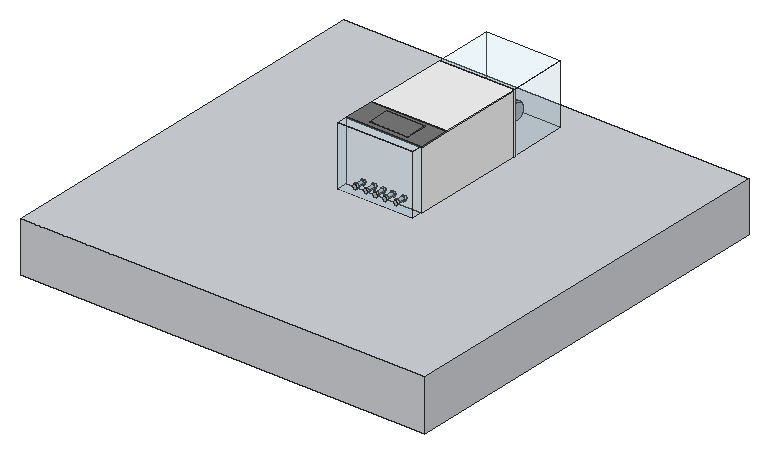
Revit family "VIESSMANN - Vitodens 200-W B2HF", category Wyposażenie mechaniczne, Revit 2017
Family settings
  Obiekt nadrzędny = Powierzchnia
  Wymiar okrągłego złącza = Użyj średnicy
  Typ części = Normalny
  Numer OmniClass = 23.75.10.11.14.14
  Tytuł OmniClass = Condensing Boilers
  Tnij formami wycięć po wczytaniu = Nie
  Współdzielony = Nie
  Punkt obliczania pomieszczeń = Nie
Parameters (values of type "Vitodens 200-W B2HF 11kW")
  Znamionowe obciążenie cieplne przy podgrzewie cwu (Qnw) = 17800 W
  Znamionowe obciążenie cieplne (Qn) - gaz ziemny = "1.8 - 10.3 kW"
  Znamionowe obciążenie cieplne (Qn) - gaz płynny, gaz ziemny M = "2.3 - 10.3 kW"
  Znamionowa moc cieplna przy podgrzewie cwu - gaz ziemny = "1.7 - 17.4 kW"
  Znamionowa moc cieplna przy podgrzewie cwu - gaz płynny, gaz ziemny M = "2.2 - 17.4 kW"
  Zasilanie podgrzewacza G = 3/4"  # constant formula
  Zasilanie instalacji R = 3/4"  # constant formula
  Zakres znamionowej mocy cieplnej przy Tv/Tr 80/60°C - gaz ziemny = "1.7 - 10.1 kW"
  Zakres znamionowej mocy cieplnej przy Tv/Tr 80/60°C - gaz płynny, gaz ziemny M = "2.2 - 10.1 kW"
  Zakres znamionowej mocy cieplnej przy Tv/Tr 50/30°C - gaz ziemny = "1.9 - 11.0 kW"
  Zakres znamionowej mocy cieplnej przy Tv/Tr 50/30°C - gaz płynny, gaz ziemny M = "2.5 - 11.0 kW"
  Wysokość = 700 mm
  Współczynnik mocy = 1  # constant formula
  Viessmann Kolor 3 = Viessmann Kolor 3
  Viessmann Kolor 2 = Viessmann Kolor 2
  Viessmann Kolor 1 = Viessmann Kolor 1
  Ustawienie elektronicznego ogranicznika temperatury = 110 °C  # constant formula
  Ustawienie elektronicznego czujnika temperatury (TN) = 91 °C  # constant formula
  URL = "https://www.viessmann-projektant.pl/baza-urzadzen/kotly-stojace-i-wiszace-malej-mocy-60-kw/vitodens200wb2hf"
  Szerokość = 450 mm
  Strefa serwisowa [instance] = yes
  Stopień ochrony = "IP X4 według EN 60529"  # constant formula
  Przyłącze spalin = 60 mm  # constant formula
  Przyłącze gazu R = 3/4"  # constant formula
  Przewód powietrza dolotowego = 100.00 mm  # constant formula
  Przepływ maksymalny = ((Moc nominalna / 20 VA) * 0.864 m³/h) / 1000  # 0.4752 m³/h
  Producent = "Viessmann Sp.z.o.o."  # constant formula
  Powrót z podgrzewacza G = 3/4"  # constant formula
  Powrót z instalacji R = 3/4"  # constant formula
  Pobór mocy elektrycznej = 37 W
  Parametry spalin - temperatura (przy podgrzewie cwu) = 64 °C
  Parametry spalin - masowe natężenie przepływu (przy podgrzewie cwu) gazu ziemnego = "31.7 g/s"
  Parametry spalin - masowe natężenie przepływu (przy podgrzewie cwu) gazu płynnego = "30.1 g/s"
  Parametry spalin - maks. temperatura = 120 °C  # constant formula
  Parametry przyłączeniowe (w odniesieniu do maks. obciążenia) dla gazu ziemnego Lw/GZ41,5/G27 = 2.196 m³/h
  Parametry przyłączeniowe (w odniesieniu do maks. obciążenia) dla gazu ziemnego E/GZ50/G20 = 1.872 m³/h
  Parametry przyłączeniowe (w odniesieniu do maks. obciążenia) dla gazu płynnego = "1.38 kg/h"
  Opis indeksowy = "CE-0085CT0017"  # constant formula
  Opis = "Gazowy kocioł kondensacyjny"  # constant formula
  Numer identyfikacyjny produktu = "CE-0085CT0017"  # constant formula
  Napięcie znamionowe = 230 V  # constant formula
  NOx = "Klasa 6"  # constant formula
  Moduł RF - zakres częstotliwości sieci Wi-Fi = "2400 - 2483.5 MHz"  # constant formula
  Moduł RF - zakres częstotliwości Zigbee = "2400 - 2483.5 MHz"  # constant formula
  Moduł RF - pobór mocy = 2 W  # constant formula
  Moduł RF - napięcie zasilania = 24 V  # constant formula
  Moduł RF - maks. moc nadawcza (częstotliwość sieci Wi-Fi) = "17 dBm"  # constant formula
  Moduł RF - maks. moc nadawcza (częstotliwość Zigbee) = "10 dBm"  # constant formula
  Model = "Gazowy kocioł kondensacyjny Vitodens 200-W B2HF 11kW / Gas-fired condensing boiler Vitodens 200-W B2HF 11kW"
  Moc nominalna = 11000 W
  Masa - z wodą grzewczą = 38.60 kg  # constant formula
  Masa - bez wody grzewczej = 33.00 kg  # constant formula
  Maks. temperatura cwu = 70 °C  # constant formula
  Liczba biegunów = 1  # constant formula
  Długość = 360 mm
  Dop. temperatura otoczenia - podczas magazynowania i transportu = "od -5 do +60 °C"  # constant formula
  Dop. temperatura otoczenia - podczas eksploatacji = "od +5 do +40 °C"  # constant formula
  Dop. ciśnienie robocze (PMS) = 300000.0 Pa  # constant formula
  Default Elevation = 1219.2 mm
  Częstotliwość = 50 Hz  # constant formula
  Bezpiecznik wstępny = 16 A  # constant formula
  Bezpiecznik urządzenia = 6.3 A  # constant formula
  Autor = "www.archispace.pl"
Types (4, lengths in mm): name | Znamionowe obciążenie cieplne przy podgrzewie cwu (Qnw) | Znamionowe obciążenie cieplne (Qn) - gaz ziemny | Znamionowe obciążenie cieplne (Qn) - gaz płynny, gaz ziemny M | Znamionowa moc cieplna przy podgrzewie cwu - gaz ziemny | Znamionowa moc cieplna przy podgrzewie cwu - gaz płynny, gaz ziemny M | Zakres znamionowej mocy cieplnej przy Tv/Tr 80/60°C - gaz ziemny | Zakres znamionowej mocy cieplnej przy Tv/Tr 80/60°C - gaz płynny, gaz ziemny M | Zakres znamionowej mocy cieplnej przy Tv/Tr 50/30°C - gaz ziemny | Zakres znamionowej mocy cieplnej przy Tv/Tr 50/30°C - gaz płynny, gaz ziemny M | Przepływ maksymalny | Pobór mocy elektrycznej | Parametry spalin - temperatura (przy podgrzewie cwu) | Parametry spalin - masowe natężenie przepływu (przy podgrzewie cwu) gazu ziemnego | Parametry spalin - masowe natężenie przepływu (przy podgrzewie cwu) gazu płynnego | Parametry przyłączeniowe (w odniesieniu do maks. obciążenia) dla gazu ziemnego Lw/GZ41,5/G27 | Parametry przyłączeniowe (w odniesieniu do maks. obciążenia) dla gazu ziemnego E/GZ50/G20 | Parametry przyłączeniowe (w odniesieniu do maks. obciążenia) dla gazu płynnego | Model | Moc nominalna
  Vitodens 200-W B2HF 32kW | 29.9 W | "1.8 - 29.9 kW" | "2.3 - 29.9 kW" | "1.7 - 29.3 kW" | "2.2 - 29.3 kW" | "1.7 - 29.3 kW" | "2.2 - 29.3 kW" | "1.9 - 32.0 kW" | "2.5 - 32.0 kW" | 1.3824 m³/h | 92 W | 72 °C | "54.9 g/s" | "53.9 g/s" | 3.672 m³/h | 3.168 m³/h | "2.32 kg/h" | "Gazowy kocioł kondensacyjny Vitodens 200-W B2HF 32kW / Gas-fired condensing boiler Vitodens 200-W B2HF 32kW" | 32000 W
  Vitodens 200-W B2HF 11kW | 17800 W | "1.8 - 10.3 kW" | "2.3 - 10.3 kW" | "1.7 - 17.4 kW" | "2.2 - 17.4 kW" | "1.7 - 10.1 kW" | "2.2 - 10.1 kW" | "1.9 - 11.0 kW" | "2.5 - 11.0 kW" | 0.4752 m³/h | 37 W | 64 °C | "31.7 g/s" | "30.1 g/s" | 2.196 m³/h | 1.872 m³/h | "1.38 kg/h" | "Gazowy kocioł kondensacyjny Vitodens 200-W B2HF 11kW / Gas-fired condensing boiler Vitodens 200-W B2HF 11kW" | 11000 W
  Vitodens 200-W B2HF 19kW | 18800 W | "1.8 - 17.8 kW" | "2.3 - 17.8 kW" | "1.7 - 17.4 kW" | "2.2 - 17.4 kW" | "1.7 - 17.4 kW" | "2.2 - 17.4 kW" | "1.9 - 19.0 kW" | "2.5 - 19.0 kW" | 0.8208 m³/h | 47 W | 65 °C | "31.7 g/s" | "30.1 g/s" | 2.196 m³/h | 1.872 m³/h | "1.38 kg/h" | "Gazowy kocioł kondensacyjny Vitodens 200-W B2HF 19kW / Gas-fired condensing boiler Vitodens 200-W B2HF 19kW" | 19000 W
  Vitodens 200-W B2HF 25kW | 23400 W | "1.8 - 23.4 kW" | "2.3 - 23.4 kW" | "1.7 - 22.9 kW" | "2.2 - 22.9 kW" | "1.7 - 22.9 kW" | "2.2 - 22.9 kW" | "1.9 - 25.0 kW" | "2.5 - 25.0 kW" | 1.080 m³/h | 68 W | 67 °C | "41.6 g/s" | "41 g/s" | 2.880 m³/h | 2.484 m³/h | "1.82 kg/h" | "Gazowy kocioł kondensacyjny Vitodens 200-W B2HF 25kW / Gas-fired condensing boiler Vitodens 200-W B2HF 25kW" | 25000 W
Reference planes
  plane 1 "Środek (Przód/Tył)": y = 0
  plane 2: z = 0
  plane 3 "Środek (Lewa/Prawa)": x = 0
  plane 4: y = 700
  plane 5: z = 360
  plane 6: x = -225
  plane 7: x = 225
  plane 8: y = 1050
Forms (mm)
  Extrusion 1, solid
    sketch origin (0, 0, 0) x (1, 0, 0) y (0, 1, 0)
      loop
        line (-1219.2, 1219.2) -> (-1219.2, -1219.2) -> (1219.2, -1219.2) -> (1219.2, 1219.2) -> (-1219.2, 1219.2)
    from 0 to -304.8
  Extrusion 2, solid, material "Viessmann Kolor 1" <- "Viessmann Kolor 1", detail levels medium+fine
    sketch origin (0, 0, 0) x (0, 1, 0) y (0, 0, 1)
      loop
        line (0, 360) -> (0, 0) -> (700, 0) -> (700, 360) -> (0, 360)
    from -225 to 225
  Blend 3, solid, material "Viessmann Kolor 2" <- "Viessmann Kolor 2", detail levels medium+fine
    base sketch origin (0, 0, 0) x (1, 0, 0) y (0, 0, 1)
      loop
        circle (0, 132) r 55
    top sketch origin (0, 0, 0) x (1, 0, 0) y (0, 0, 1)
      loop
        circle (0, 132) r 45
    from -700 to -720
  Extrusion 4, solid, material "Viessmann Kolor 2" <- "Viessmann Kolor 2", detail levels medium+fine
    sketch origin (0, 0, 0) x (1, 0, 0) y (0, 0, 1)
      loop
        circle (0, 132) r 45
    from -720 to -731.69
  Sweep 5, solid, material "Viessmann Kolor 2" <- "Viessmann Kolor 2"
    path origin (0, 0, 0) x (1, 0, 0) y (0, 1, 0)
      loop
        line (0, 731.69) -> (0, 776.69)
        arc (0, 776.69) -> (24.694, 836.307) -> (84.312, 861.002) r 84.312
        line (84.312, 861.002) -> (94.312, 861.002)
    profile origin (0, 754.19, 0) x (-1, 0, 0) y (0, 0, 1)
      loop
        circle (0, 132) r 45
  Extrusion 6, solid, material "Viessmann Kolor 2" <- "Viessmann Kolor 2", detail levels medium+fine
    sketch origin (0, 0, 0) x (0, 1, 0) y (0, 0, 1)
      loop
        circle (861, 132) r 50
    from 94.312 to 99.294
  Extrusion 7, solid, material "Viessmann Kolor 2" <- "Viessmann Kolor 2"
    sketch origin (0, 0, 0) x (0, 1, 0) y (0, 0, 1)
      loop
        circle (861, 132) r 44.998
    from 99.294 to 113.195
  Extrusion 8, solid, material "Viessmann Kolor 2" <- "Viessmann Kolor 2", detail levels coarse
    sketch origin (0, 0, 0) x (0, 1, 0) y (0, 0, 1)
      loop
        circle (861, 132) r 44.998
    from 94.312 to 113.195
  Extrusion 9, solid, material "Viessmann Kolor 2" <- "Viessmann Kolor 2", detail levels coarse
    sketch origin (0, 0, 0) x (1, 0, 0) y (0, 0, 1)
      loop
        circle (0, 132) r 45
    from -731.69 to -700
  Extrusion 10, solid, material "Viessmann Kolor 2" <- "Viessmann Kolor 2", detail levels medium+fine
    sketch origin (0, 0, 0) x (1, 0, 0) y (0, 0, 1)
      loop
        circle (-123, 50) r 9.525
      loop
        circle (-58, 50) r 9.525
      loop
        circle (57.654, 50) r 9.525
      loop
        circle (123, 50) r 9.525
      loop
        circle (0, 50) r 9.525
    from 0 to 67
  Extrusion 11, solid, material "Viessmann Kolor 2" <- "Viessmann Kolor 2", detail levels medium+fine
    sketch origin (0, 0, 0) x (1, 0, 0) y (0, 0, 1)
      loop
        line (-130.492, 62.976) -> (-137.984, 50) -> (-130.492, 37.024) -> (-115.508, 37.024) -> (-108.016, 50) -> (-115.508, 62.976) -> (-130.492, 62.976)
      loop
        line (-65.492, 62.976) -> (-72.984, 50) -> (-65.492, 37.024) -> (-50.508, 37.024) -> (-43.016, 50) -> (-50.508, 62.976) -> (-65.492, 62.976)
      loop
        line (-7.492, 62.976) -> (-14.984, 50) -> (-7.492, 37.024) -> (7.492, 37.024) -> (14.984, 50) -> (7.492, 62.976) -> (-7.492, 62.976)
      loop
        line (50.162, 62.976) -> (42.67, 50) -> (50.162, 37.024) -> (65.146, 37.024) -> (72.638, 50) -> (65.146, 62.976) -> (50.162, 62.976)
      loop
        line (115.508, 62.976) -> (108.016, 50) -> (115.508, 37.024) -> (130.492, 37.024) -> (137.984, 50) -> (130.492, 62.976) -> (115.508, 62.976)
    from 4.305 to 13.565
  Extrusion 12, solid, material "Viessmann Kolor 2" <- "Viessmann Kolor 2", detail levels medium+fine
    sketch origin (0, 0, 0) x (1, 0, 0) y (0, 0, 1)
      loop
        line (-130.492, 62.976) -> (-137.984, 50) -> (-130.492, 37.024) -> (-115.508, 37.024) -> (-108.016, 50) -> (-115.508, 62.976) -> (-130.492, 62.976)
      loop
        line (-65.492, 62.976) -> (-72.984, 50) -> (-65.492, 37.024) -> (-50.508, 37.024) -> (-43.016, 50) -> (-50.508, 62.976) -> (-65.492, 62.976)
      loop
        line (-7.492, 62.976) -> (-14.984, 50) -> (-7.492, 37.024) -> (7.492, 37.024) -> (14.984, 50) -> (7.492, 62.976) -> (-7.492, 62.976)
      loop
        line (50.162, 62.976) -> (42.67, 50) -> (50.162, 37.024) -> (65.146, 37.024) -> (72.638, 50) -> (65.146, 62.976) -> (50.162, 62.976)
      loop
        line (115.508, 62.976) -> (108.016, 50) -> (115.508, 37.024) -> (130.492, 37.024) -> (137.984, 50) -> (130.492, 62.976) -> (115.508, 62.976)
    from 58.824 to 67
  Extrusion 13, void
    sketch origin (0, 0, 0) x (0, 1, 0) y (0, 0, 1)
      loop
        line (190, 360) -> (0, 360) -> (0, 355) -> (190, 355) -> (190, 360)
    from -225 to 225
  Sweep 14, void, detail levels fine
    path origin (0, 0, 0) x (0, 1, 0) y (0, 0, 1)
      loop
        line (190, 355) -> (695, 355) -> (695, 0)
    profile origin (0, 442.5, 355) x (0, 0, 1) y (1, 0, 0)
      loop
        line (0.96, 225) -> (0, 225) -> (0, 223.973) -> (0.96, 223.973) -> (0.96, 225)
      loop
        line (0.96, -225) -> (0.96, -223.973) -> (0, -223.973) -> (0, -225) -> (0.96, -225)
  Extrusion 15, solid, material "Viessmann Kolor 3" <- "Viessmann Kolor 3", detail levels medium+fine
    sketch origin (0, 0, 0) x (0, 1, 0) y (0, 0, 1)
      loop
        line (0, 360) -> (0, 355) -> (190, 355) -> (190, 360) -> (0, 360)
    from -225 to 225
  Extrusion 16, solid, material "Viessmann Kolor 3" <- "Viessmann Kolor 3", detail levels fine
    sketch origin (0, 0, 0) x (1, 0, 0) y (0, 1, 0)
      loop
        line (-115, 160.955) -> (-115, 30.955) -> (115, 30.955) -> (115, 160.955) -> (-115, 160.955)
    from 360 to 363.081
  Extrusion 17, solid, material "Viessmann Kolor 1" <- "Viessmann Kolor 1", detail levels coarse
    sketch origin (0, 0, 0) x (0, 1, 0) y (0, 0, 1)
      loop
        line (-67, 360) -> (-67, 0) -> (700, 0) -> (700, 360) -> (-67, 360)
    from -225 to 225
  Extrusion 18, solid, not visible
    sketch origin (0, 0, 0) x (0, 1, 0) y (0, 0, 1)
      loop
        circle (71.594, 27.22) r 10
    from 219.842 to 225
  Extrusion 19, solid, material "Viessmann Strefy Serwisowe", visible <- "Strefa serwisowa"
    sketch origin (0, 0, 0) x (1, 0, 0) y (0, 1, 0)
      loop
        line (-225, 1050) -> (-225, 700) -> (225, 700) -> (225, 1050) -> (-225, 1050)
      loop
        line (225, 0) -> (-225, 0) -> (-225, -67) -> (225, -67) -> (225, 0)
    from 0 to 360
Cuts and joins
  Extrusion 13, Sweep 14 cuts Extrusion 2
  joined: Extrusion 10, Extrusion 11, Extrusion 12
Lines and regions (mm)
  reference lines
    curve 1: line (0, 861, 512) -> (0, 861, -248)
    curve 2: line (407.633, 861, 0) -> (-332.367, 861, 0)
    curve 3: line (107.115, 0, 132) -> (-132.885, 0, 132)
    curve 4: line (-382.346, 0, 50) -> (497.654, 0, 50)
    curve 5: line (-123, 0, 112.22) -> (-123, 0, 17.22)
    curve 6: line (-58, 0, 112.22) -> (-58, 0, 27.22)
    curve 7: line (123, 0, 112.22) -> (123, 0, 17.22)
    curve 8: line (58, 0, 112.22) -> (58, 0, 27.22)
Dimensions and locks
  "Wysokość": plane 1 "Środek (Przód/Tył)" to plane 4
  "Długość": plane 5 to level
  equal spacing: plane 7, plane 3 "Środek (Lewa/Prawa)", plane 6
  "Szerokość": plane 7 to plane 6
  locked: plane 8 to plane 4 at 350
  aligned and locked: plane 2 to Extrusion 1
  aligned and locked: level to Extrusion 1
  aligned and locked: Extrusion 2 sketch curve to plane 1 "Środek (Przód/Tył)"
  aligned and locked: Extrusion 2 sketch curve to plane 5
  aligned and locked: Extrusion 2 sketch curve to plane 4
  aligned and locked: level to Extrusion 2 sketch curve
  aligned and locked: Extrusion 2 to plane 6
  aligned and locked: plane 7 to Extrusion 2
  aligned and locked: plane 5 to Extrusion 13 sketch curve
  aligned and locked: plane 1 "Środek (Przód/Tył)" to Extrusion 13 sketch curve
  aligned and locked: Extrusion 19 sketch curve to plane 8
  aligned and locked: Extrusion 19 sketch curve to plane 7
  aligned and locked: plane 4 to Extrusion 19 sketch curve
  aligned and locked: plane 6 to Extrusion 19 sketch curve
  aligned and locked: Extrusion 19 sketch curve to plane 6
  aligned and locked: Extrusion 19 sketch curve to curve 4
  aligned and locked: Extrusion 17 to Extrusion 19 sketch curve
  aligned and locked: Extrusion 19 sketch curve to Extrusion 17
  aligned and locked: plane 5 to Extrusion 19
  aligned and locked: Extrusion 19 to level
Automatic sketch dimensions
  Extrusion 1 sketch curve to Extrusion 1 sketch curve = 2438.4 mm  (x2)
  level to curve 4 = 50 mm
  curve 4 to plane 6 = 157.346 mm
  plane 6 to curve 3 = 92.115 mm
  curve 3 to curve 5 = 9.885 mm
  level to curve 6 = 27.22 mm
  curve 6 to plane 3 "Środek (Lewa/Prawa)" = 58 mm
  level to curve 8 = 27.22 mm
  plane 3 "Środek (Lewa/Prawa)" to curve 8 = 58 mm
  curve 8 to curve 3 = 49.115 mm
  level to curve 7 = 17.22 mm
  curve 8 to curve 7 = 65 mm
  plane 7 to curve 4 = 272.654 mm
  level to curve 5 = 17.22 mm
  curve 6 to curve 6 = 85 mm
  curve 7 to curve 7 = 95 mm
  curve 8 to curve 7 = 0 mm
  curve 5 to curve 6 = 0 mm
  curve 7 to curve 3 = 19.78 mm
  plane 4 to curve 1 = 161 mm
  curve 1 to level = 248 mm
  plane 5 to curve 1 = 152 mm
  curve 2 to plane 6 = 107.367 mm
  plane 4 to curve 2 = 161 mm
  plane 7 to curve 2 = 182.633 mm
  Blend 3 sketch curve to plane 3 "Środek (Lewa/Prawa)" = 0 mm  (x2)
  level to Blend 3 sketch curve = 132 mm  (x2)
  Extrusion 4 sketch curve to plane 3 "Środek (Lewa/Prawa)" = 0 mm
  level to Extrusion 4 sketch curve = 132 mm
  Sweep 5 sketch curve to plane 3 "Środek (Lewa/Prawa)" = 0 mm
  plane 3 "Środek (Lewa/Prawa)" to Sweep 5 sketch curve = 84.312 mm
  plane 4 to Sweep 5 sketch curve = 76.69 mm
  Sweep 5 sketch curve to Sweep 5 sketch curve = 10 mm
  plane 4 to Sweep 5 sketch curve = 31.69 mm
  Sweep 5 sketch curve to profile plane = 0 mm
  level to Sweep 5 sketch curve = 132 mm
  plane 4 to Extrusion 6 sketch curve = 161 mm
  level to Extrusion 6 sketch curve = 132 mm
  plane 4 to Extrusion 7 sketch curve = 161 mm
  level to Extrusion 7 sketch curve = 132 mm
  plane 4 to Extrusion 8 sketch curve = 161 mm
  level to Extrusion 8 sketch curve = 132 mm
  Extrusion 9 sketch curve to plane 3 "Środek (Lewa/Prawa)" = 0 mm
  level to Extrusion 9 sketch curve = 132 mm
  Extrusion 10 sketch curve to plane 3 "Środek (Lewa/Prawa)" = 0 mm
  Extrusion 10 sketch curve to plane 3 "Środek (Lewa/Prawa)" = 58 mm
  Extrusion 10 sketch curve to Extrusion 10 sketch curve = 65 mm
  plane 3 "Środek (Lewa/Prawa)" to Extrusion 10 sketch curve = 57.654 mm
  Extrusion 10 sketch curve to Extrusion 10 sketch curve = 65.346 mm
  level to Extrusion 10 sketch curve = 50 mm  (x5)
  plane 6 to Extrusion 11 sketch curve = 87.016 mm
  Extrusion 11 sketch curve to Extrusion 11 sketch curve = 7.492 mm  (x13)
  level to Extrusion 11 sketch curve = 37.024 mm  (x5)
  Extrusion 11 sketch curve to Extrusion 11 sketch curve = 14.984 mm  (x8)
  level to Extrusion 11 sketch curve = 50 mm  (x2)
  Extrusion 11 sketch curve to Extrusion 11 sketch curve = 35.032 mm
  Extrusion 11 sketch curve to plane 3 "Środek (Lewa/Prawa)" = 14.984 mm
  Extrusion 11 sketch curve to plane 3 "Środek (Lewa/Prawa)" = 7.492 mm  (x2)
  plane 3 "Środek (Lewa/Prawa)" to Extrusion 11 sketch curve = 7.492 mm  (x2)
  Extrusion 11 sketch curve to Extrusion 11 sketch curve = 27.686 mm
  Extrusion 11 sketch curve to Extrusion 11 sketch curve = 35.378 mm
  Extrusion 11 sketch curve to Extrusion 11 sketch curve = 12.976 mm  (x13)
  plane 6 to Extrusion 12 sketch curve = 87.016 mm
  Extrusion 12 sketch curve to Extrusion 12 sketch curve = 7.492 mm  (x13)
  level to Extrusion 12 sketch curve = 37.024 mm  (x5)
  Extrusion 12 sketch curve to Extrusion 12 sketch curve = 14.984 mm  (x8)
  level to Extrusion 12 sketch curve = 50 mm  (x2)
  Extrusion 12 sketch curve to Extrusion 12 sketch curve = 35.032 mm
  Extrusion 12 sketch curve to plane 3 "Środek (Lewa/Prawa)" = 14.984 mm
  Extrusion 12 sketch curve to plane 3 "Środek (Lewa/Prawa)" = 7.492 mm  (x2)
  plane 3 "Środek (Lewa/Prawa)" to Extrusion 12 sketch curve = 7.492 mm  (x2)
  Extrusion 12 sketch curve to Extrusion 12 sketch curve = 27.686 mm
  Extrusion 12 sketch curve to Extrusion 12 sketch curve = 35.378 mm
  Extrusion 12 sketch curve to Extrusion 12 sketch curve = 12.976 mm  (x13)
  Extrusion 13 sketch curve to plane 5 = 5 mm
  Extrusion 13 sketch curve to plane 1 "Środek (Przód/Tył)" = 190 mm
  Sweep 14 sketch curve to level = 0 mm
  Sweep 14 sketch curve to plane 5 = 5 mm
  Sweep 14 sketch curve to plane 1 "Środek (Przód/Tył)" = 190 mm
  Sweep 14 sketch curve to plane 4 = 5 mm
  Sweep 14 sketch curve to profile plane = 0 mm  (x2)
  Sweep 14 sketch curve to Sweep 14 sketch curve = 0.96 mm  (x2)
  Sweep 14 sketch curve to plane 3 "Środek (Lewa/Prawa)" = 225 mm
  Sweep 14 sketch curve to Sweep 14 sketch curve = 1.027 mm  (x2)
  plane 3 "Środek (Lewa/Prawa)" to Sweep 14 sketch curve = 223.973 mm
  Extrusion 15 sketch curve to plane 1 "Środek (Przód/Tył)" = 0 mm
  Extrusion 15 sketch curve to plane 5 = 0 mm
  Extrusion 15 sketch curve to plane 5 = 5 mm
  Extrusion 15 sketch curve to Extrusion 15 sketch curve = 190 mm
  Extrusion 16 sketch curve to plane 1 "Środek (Przód/Tył)" = 30.955 mm
  Extrusion 16 sketch curve to plane 3 "Środek (Lewa/Prawa)" = 115 mm
  Extrusion 16 sketch curve to plane 7 = 110 mm
  Extrusion 16 sketch curve to Extrusion 16 sketch curve = 130 mm
  Extrusion 17 sketch curve to level = 0 mm
  plane 1 "Środek (Przód/Tył)" to Extrusion 17 sketch curve = 67 mm
  Extrusion 17 sketch curve to plane 4 = 0 mm
  Extrusion 17 sketch curve to plane 5 = 0 mm
  level to Extrusion 18 sketch curve = 27.22 mm
  Extrusion 18 sketch curve to plane 1 "Środek (Przód/Tył)" = 71.594 mm
  radius of Blend 3 sketch curve = 55 mm
  radius of Blend 3 sketch curve = 45 mm
  radius of Extrusion 4 sketch curve = 45 mm
  radius of Sweep 5 sketch curve = 45 mm
  radius of Extrusion 6 sketch curve = 50 mm
  radius of Extrusion 7 sketch curve = 44.998 mm
  radius of Extrusion 8 sketch curve = 44.998 mm
  radius of Extrusion 9 sketch curve = 45 mm
  radius of Extrusion 10 sketch curve = 9.525 mm  (x5)
  radius of Extrusion 18 sketch curve = 10 mm
Connectors
  electrical at (225, 71.594, 27.22), driven by "Napięcie znamionowe", driven by "Pobór mocy elektrycznej", driven by "Liczba biegunów", driven by "Współczynnik mocy"
    settings: on Extrusion 18, index 1, voltage 230 V, apparent load 37 VA, apparent load phase1 0 VA, apparent load phase2 0 VA, apparent load phase3 0 VA, power factor 1, load classification "Zasilanie", number of poles 1, system type 30, power factor state 1, is connector primary yes, connector utility no, sub classification motor no, connector description ""
  piping at (-123, -67, 50), diameter 19.05, driven by "Zasilanie instalacji R", driven by "Przepływ maksymalny"
    settings: on cut or joined group of Extrusion 10, Extrusion 11, Extrusion 12, index 2, connector inside diameter 24", connector length 0 mm, flow factor 0, pipe flow 0.4752 m³/h, pressure drop 0.0 Pa, fitting loss kfactor 0, connector angle 0.00°, fixture units 0, engagement length 0 mm, angle of deflection 0.00°, flow configuration 0, flow direction 2, fitting loss method 4, system type 7, joint type 0, gender type 0, connector reference index -1, connector utility 0, adjustable connector no, is connector primary yes, connector description ""
  piping at (-58, -67, 50), diameter 19.05, driven by "Zasilanie podgrzewacza G", driven by "Przepływ maksymalny"
    settings: on cut or joined group of Extrusion 10, Extrusion 11, Extrusion 12, index 3, connector inside diameter 24", connector length 0 mm, flow factor 0, pipe flow 0.4752 m³/h, pressure drop 0.0 Pa, fitting loss kfactor 0, connector angle 0.00°, fixture units 0, engagement length 0 mm, angle of deflection 0.00°, flow configuration 0, flow direction 2, fitting loss method 4, system type 7, joint type 0, gender type 0, connector reference index -1, connector utility 0, adjustable connector no, is connector primary no, connector description ""
  piping at (0, -67, 50), diameter 19.05, driven by "Przyłącze gazu R"
    settings: on cut or joined group of Extrusion 10, Extrusion 11, Extrusion 12, index 4, connector inside diameter 24", connector length 0 mm, flow factor 0, pipe flow 0.000 m³/h, pressure drop 0.0 Pa, fitting loss kfactor 0, connector angle 0.00°, fixture units 0, engagement length 0 mm, angle of deflection 0.00°, flow configuration 0, flow direction 1, fitting loss method 4, system type 7, joint type 0, gender type 0, connector reference index -1, connector utility 0, adjustable connector no, is connector primary no, connector description ""
  piping at (57.654, -67, 50), diameter 19.05, driven by "Powrót z podgrzewacza G", driven by "Przepływ maksymalny"
    settings: on cut or joined group of Extrusion 10, Extrusion 11, Extrusion 12, index 5, connector inside diameter 24", connector length 0 mm, flow factor 0, pipe flow 0.4752 m³/h, pressure drop 0.0 Pa, fitting loss kfactor 0, connector angle 0.00°, fixture units 0, engagement length 0 mm, angle of deflection 0.00°, flow configuration 0, flow direction 1, fitting loss method 4, system type 8, joint type 0, gender type 0, connector reference index -1, connector utility 0, adjustable connector no, is connector primary no, connector description ""
  piping at (123, -67, 50), diameter 19.05, driven by "Powrót z instalacji R", driven by "Przepływ maksymalny"
    settings: on cut or joined group of Extrusion 10, Extrusion 11, Extrusion 12, index 6, connector inside diameter 24", connector length 0 mm, flow factor 0, pipe flow 0.4752 m³/h, pressure drop 0.0 Pa, fitting loss kfactor 0, connector angle 0.00°, fixture units 0, engagement length 0 mm, angle of deflection 0.00°, flow configuration 0, flow direction 1, fitting loss method 4, system type 8, joint type 0, gender type 0, connector reference index -1, connector utility 0, adjustable connector no, is connector primary no, connector description ""
  hvac at (113.195, 861, 132), driven by "Przyłącze spalin"
    settings: on Extrusion 7, index 7, duct flow 0.0 L/s, flow factor 0, pres drop 0.0 Pa, loss coef 0, conn angle 0.00°, conn width 304.8 mm, conn height 304.8 mm, conn diameter 60 mm, duct sys type 3, conn prof type 0, flow config 0, flow direction 2, loss method 0, conn ref index -1, conn util no, is conn primary yes, conn desc ""
